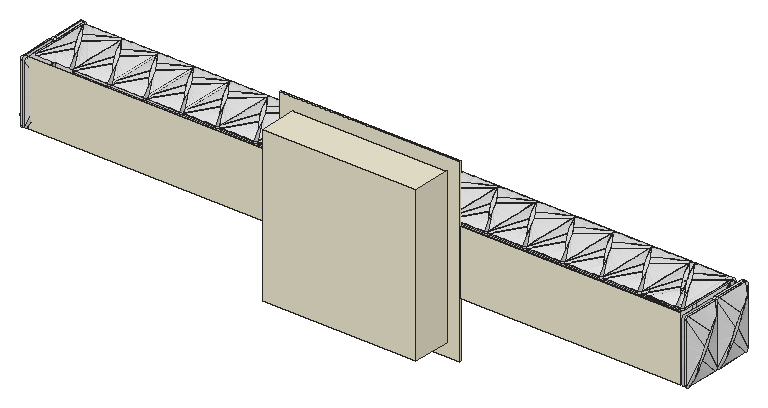
Revit family "3-573-15 Elan", category Luminarias, Revit 2021 (continued)
Definition of nested family "Family2"
  Forms (in)
    Blend 58, solid, material <- "Diffuser"
      base sketch origin (10.62992, -2.24007, -2.27132) x (1, 0, 0) y (0, 1, 0)
        loop
          line (-7.00787, -0.98425) -> (-5.98425, -0.98425)
          arc (-5.98425, -0.98425) -> (-5.92857, -0.96119) -> (-5.90551, -0.90551) r 0.07874
          line (-5.90551, -0.90551) -> (-5.90551, 0.90551)
      top sketch origin (10.62992, -2.24007, -2.27132) x (1, 0, 0) y (0, 1, 0)
        loop
          line (-6.89899, 0.68245) -> (-6.71635, 0.29079) -> (-6.53621, -0.05852) -> (-6.35588, -0.33357) -> (-6.0667, -0.72725) -> (-6.27171, -0.28388) -> (-6.43166, 0.00863) -> (-6.64427, 0.33334) -> (-6.89899, 0.68245)
      from 3.31463 to 3.45242
    Extrusion 59, solid, material <- "Diffuser"
      sketch origin (10.62992, -2.24007, -2.27132) x (1, 0, 0) y (0, 1, 0)
        loop
          arc (-5.90551, 0.90551) -> (-5.92857, 0.96119) -> (-5.98425, 0.98425) r 0.07874
          line (-5.98425, 0.98425) -> (-7.00787, 0.98425)
          arc (-7.00787, 0.98425) -> (-7.06355, 0.96119) -> (-7.08661, 0.90551) r 0.07874
          line (-7.08661, 0.90551) -> (-7.08661, -0.90551)
          arc (-7.08661, -0.90551) -> (-7.06355, -0.96119) -> (-7.00787, -0.98425) r 0.07874
          line (-7.00787, -0.98425) -> (-5.98425, -0.98425)
          arc (-5.98425, -0.98425) -> (-5.92857, -0.96119) -> (-5.90551, -0.90551) r 0.07874
          line (-5.90551, -0.90551) -> (-5.90551, 0.90551)
      from 3.25557 to 3.31463
    Blend 60, solid, material <- "Diffuser"
      base sketch origin (11.81102, -2.24007, -2.27132) x (1, 0, 0) y (0, 1, 0)
        loop
          arc (-5.90551, 0.90551) -> (-5.92857, 0.96119) -> (-5.98425, 0.98425) r 0.07874
          line (-5.98425, 0.98425) -> (-7.00787, 0.98425)
          arc (-7.00787, 0.98425) -> (-7.06355, 0.96119) -> (-7.08661, 0.90551) r 0.07874
          line (-7.08661, 0.90551) -> (-7.08661, -0.90551)
          arc (-7.08661, -0.90551) -> (-7.06355, -0.96119) -> (-7.00787, -0.98425) r 0.07874
          line (-7.00787, -0.98425) -> (-5.98425, -0.98425)
          arc (-5.98425, -0.98425) -> (-5.92857, -0.96119) -> (-5.90551, -0.90551) r 0.07874
          line (-5.90551, -0.90551) -> (-5.90551, 0.90551)
      top sketch origin (11.81102, -2.24007, -2.27132) x (1, 0, 0) y (0, 1, 0)
        loop
          line (-6.89899, 0.68245) -> (-6.71635, 0.29079) -> (-6.53621, -0.05852) -> (-6.35588, -0.33357) -> (-6.0667, -0.72725) -> (-6.27171, -0.28388) -> (-6.43166, 0.00863) -> (-6.64427, 0.33334) -> (-6.89899, 0.68245)
      from 3.31463 to 3.45242
    Extrusion 61, solid, material <- "Diffuser"
      sketch origin (11.81102, -2.24007, -2.27132) x (1, 0, 0) y (0, 1, 0)
        loop
          arc (-5.90551, 0.90551) -> (-5.92857, 0.96119) -> (-5.98425, 0.98425) r 0.07874
          line (-5.98425, 0.98425) -> (-7.00787, 0.98425)
          arc (-7.00787, 0.98425) -> (-7.06355, 0.96119) -> (-7.08661, 0.90551) r 0.07874
          line (-7.08661, 0.90551) -> (-7.08661, -0.90551)
          arc (-7.08661, -0.90551) -> (-7.06355, -0.96119) -> (-7.00787, -0.98425) r 0.07874
          line (-7.00787, -0.98425) -> (-5.98425, -0.98425)
          arc (-5.98425, -0.98425) -> (-5.92857, -0.96119) -> (-5.90551, -0.90551) r 0.07874
          line (-5.90551, -0.90551) -> (-5.90551, 0.90551)
      from 3.25557 to 3.31463
    Blend 62, solid, material <- "Diffuser"
      base sketch origin (16.29921, -2.24007, -2.27132) x (1, 0, 0) y (0, 1, 0)
        loop
          arc (-5.90551, 0.90551) -> (-5.92857, 0.96119) -> (-5.98425, 0.98425) r 0.07874
          line (-5.98425, 0.98425) -> (-7.00787, 0.98425)
          arc (-7.00787, 0.98425) -> (-7.06355, 0.96119) -> (-7.08661, 0.90551) r 0.07874
          line (-7.08661, 0.90551) -> (-7.08661, -0.90551)
          arc (-7.08661, -0.90551) -> (-7.06355, -0.96119) -> (-7.00787, -0.98425) r 0.07874
          line (-7.00787, -0.98425) -> (-5.98425, -0.98425)
          arc (-5.98425, -0.98425) -> (-5.92857, -0.96119) -> (-5.90551, -0.90551) r 0.07874
          line (-5.90551, -0.90551) -> (-5.90551, 0.90551)
      top sketch origin (16.29921, -2.24007, -2.27132) x (1, 0, 0) y (0, 1, 0)
        loop
          line (-6.89899, 0.68245) -> (-6.71635, 0.29079) -> (-6.53621, -0.05852) -> (-6.35588, -0.33357) -> (-6.0667, -0.72725) -> (-6.27171, -0.28388) -> (-6.43166, 0.00863) -> (-6.64427, 0.33334) -> (-6.89899, 0.68245)
      from 3.31463 to 3.45242
    Blend 63, solid, material <- "Diffuser"
      base sketch origin (3.31635, -2.24007, 2.34394) x (-0.999996, 0, 0.00275) y (0, 1, 0)
        loop
          arc (-5.90551, 0.90551) -> (-5.92857, 0.96119) -> (-5.98425, 0.98425) r 0.07874
          line (-5.98425, 0.98425) -> (-7.00787, 0.98425)
          arc (-7.00787, 0.98425) -> (-7.06355, 0.96119) -> (-7.08661, 0.90551) r 0.07874
          line (-7.08661, 0.90551) -> (-7.08661, -0.90551)
          arc (-7.08661, -0.90551) -> (-7.06355, -0.96119) -> (-7.00787, -0.98425) r 0.07874
          line (-7.00787, -0.98425) -> (-5.98425, -0.98425)
          arc (-5.98425, -0.98425) -> (-5.92857, -0.96119) -> (-5.90551, -0.90551) r 0.07874
          line (-5.90551, -0.90551) -> (-5.90551, 0.90551)
      top sketch origin (3.31635, -2.24007, 2.34394) x (-0.999996, 0, 0.00275) y (0, 1, 0)
        loop
          line (-6.89899, 0.68245) -> (-6.71635, 0.29079) -> (-6.53621, -0.05852) -> (-6.35588, -0.33357) -> (-6.0667, -0.72725) -> (-6.27171, -0.28388) -> (-6.43166, 0.00863) -> (-6.64427, 0.33334) -> (-6.89899, 0.68245)
      from 3.31463 to 3.45242
    Extrusion 64, solid, material <- "Diffuser"
      sketch origin (3.31635, -2.24007, 2.34394) x (-0.999996, 0, 0.00275) y (0, 1, 0)
        loop
          arc (-5.90551, 0.90551) -> (-5.92857, 0.96119) -> (-5.98425, 0.98425) r 0.07874
          line (-5.98425, 0.98425) -> (-7.00787, 0.98425)
          arc (-7.00787, 0.98425) -> (-7.06355, 0.96119) -> (-7.08661, 0.90551) r 0.07874
          line (-7.08661, 0.90551) -> (-7.08661, -0.90551)
          arc (-7.08661, -0.90551) -> (-7.06355, -0.96119) -> (-7.00787, -0.98425) r 0.07874
          line (-7.00787, -0.98425) -> (-5.98425, -0.98425)
          arc (-5.98425, -0.98425) -> (-5.92857, -0.96119) -> (-5.90551, -0.90551) r 0.07874
          line (-5.90551, -0.90551) -> (-5.90551, 0.90551)
      from 3.20242 to 3.31463
    Blend 65, solid, material <- "Diffuser"
      base sketch origin (-1.17183, -2.24007, 2.34719) x (-0.999996, 0, 0.00275) y (0, 1, 0)
        loop
          arc (-5.90551, 0.90551) -> (-5.92857, 0.96119) -> (-5.98425, 0.98425) r 0.07874
          line (-5.98425, 0.98425) -> (-7.00787, 0.98425)
          arc (-7.00787, 0.98425) -> (-7.06355, 0.96119) -> (-7.08661, 0.90551) r 0.07874
          line (-7.08661, 0.90551) -> (-7.08661, -0.90551)
          arc (-7.08661, -0.90551) -> (-7.06355, -0.96119) -> (-7.00787, -0.98425) r 0.07874
          line (-7.00787, -0.98425) -> (-5.98425, -0.98425)
          arc (-5.98425, -0.98425) -> (-5.92857, -0.96119) -> (-5.90551, -0.90551) r 0.07874
          line (-5.90551, -0.90551) -> (-5.90551, 0.90551)
      top sketch origin (-1.17183, -2.24007, 2.34719) x (-0.999996, 0, 0.00275) y (0, 1, 0)
        loop
          line (-6.89899, 0.68245) -> (-6.71635, 0.29079) -> (-6.53621, -0.05852) -> (-6.35588, -0.33357) -> (-6.0667, -0.72725) -> (-6.27171, -0.28388) -> (-6.43166, 0.00863) -> (-6.64427, 0.33334) -> (-6.89899, 0.68245)
      from 3.31463 to 3.45242
    Extrusion 66, solid, material <- "Diffuser"
      sketch origin (-1.17183, -2.24007, 2.34719) x (-0.999996, 0, 0.00275) y (0, 1, 0)
        loop
          arc (-5.90551, 0.90551) -> (-5.92857, 0.96119) -> (-5.98425, 0.98425) r 0.07874
          line (-5.98425, 0.98425) -> (-7.00787, 0.98425)
          arc (-7.00787, 0.98425) -> (-7.06355, 0.96119) -> (-7.08661, 0.90551) r 0.07874
          line (-7.08661, 0.90551) -> (-7.08661, -0.90551)
          arc (-7.08661, -0.90551) -> (-7.06355, -0.96119) -> (-7.00787, -0.98425) r 0.07874
          line (-7.00787, -0.98425) -> (-5.98425, -0.98425)
          arc (-5.98425, -0.98425) -> (-5.92857, -0.96119) -> (-5.90551, -0.90551) r 0.07874
          line (-5.90551, -0.90551) -> (-5.90551, 0.90551)
      from 3.20242 to 3.31463
    Blend 67, solid, material <- "Diffuser"
      base sketch origin (-2.35293, -2.24007, 2.35044) x (-0.999996, 0, 0.00275) y (0, 1, 0)
        loop
          arc (-5.90551, 0.90551) -> (-5.92857, 0.96119) -> (-5.98425, 0.98425) r 0.07874
          line (-5.98425, 0.98425) -> (-7.00787, 0.98425)
          arc (-7.00787, 0.98425) -> (-7.06355, 0.96119) -> (-7.08661, 0.90551) r 0.07874
          line (-7.08661, 0.90551) -> (-7.08661, -0.90551)
          arc (-7.08661, -0.90551) -> (-7.06355, -0.96119) -> (-7.00787, -0.98425) r 0.07874
          line (-7.00787, -0.98425) -> (-5.98425, -0.98425)
          arc (-5.98425, -0.98425) -> (-5.92857, -0.96119) -> (-5.90551, -0.90551) r 0.07874
          line (-5.90551, -0.90551) -> (-5.90551, 0.90551)
      top sketch origin (-2.35293, -2.24007, 2.35044) x (-0.999996, 0, 0.00275) y (0, 1, 0)
        loop
          line (-6.89899, 0.68245) -> (-6.71635, 0.29079) -> (-6.53621, -0.05852) -> (-6.35588, -0.33357) -> (-6.0667, -0.72725) -> (-6.27171, -0.28388) -> (-6.43166, 0.00863) -> (-6.64427, 0.33334) -> (-6.89899, 0.68245)
      from 3.31463 to 3.45242
    Extrusion 68, solid, material <- "Diffuser"
      sketch origin (-2.35293, -2.24007, 2.35044) x (-0.999996, 0, 0.00275) y (0, 1, 0)
        loop
          arc (-5.90551, 0.90551) -> (-5.92857, 0.96119) -> (-5.98425, 0.98425) r 0.07874
          line (-5.98425, 0.98425) -> (-7.00787, 0.98425)
          arc (-7.00787, 0.98425) -> (-7.06355, 0.96119) -> (-7.08661, 0.90551) r 0.07874
          line (-7.08661, 0.90551) -> (-7.08661, -0.90551)
          arc (-7.08661, -0.90551) -> (-7.06355, -0.96119) -> (-7.00787, -0.98425) r 0.07874
          line (-7.00787, -0.98425) -> (-5.98425, -0.98425)
          arc (-5.98425, -0.98425) -> (-5.92857, -0.96119) -> (-5.90551, -0.90551) r 0.07874
          line (-5.90551, -0.90551) -> (-5.90551, 0.90551)
      from 3.20242 to 3.31463
    Blend 69, solid, material <- "Diffuser"
      base sketch origin (-3.53403, -2.24007, 2.35369) x (-0.999996, 0, 0.00275) y (0, 1, 0)
        loop
          arc (-5.90551, 0.90551) -> (-5.92857, 0.96119) -> (-5.98425, 0.98425) r 0.07874
          line (-5.98425, 0.98425) -> (-7.00787, 0.98425)
          arc (-7.00787, 0.98425) -> (-7.06355, 0.96119) -> (-7.08661, 0.90551) r 0.07874
          line (-7.08661, 0.90551) -> (-7.08661, -0.90551)
          arc (-7.08661, -0.90551) -> (-7.06355, -0.96119) -> (-7.00787, -0.98425) r 0.07874
          line (-7.00787, -0.98425) -> (-5.98425, -0.98425)
          arc (-5.98425, -0.98425) -> (-5.92857, -0.96119) -> (-5.90551, -0.90551) r 0.07874
          line (-5.90551, -0.90551) -> (-5.90551, 0.90551)
      top sketch origin (-3.53403, -2.24007, 2.35369) x (-0.999996, 0, 0.00275) y (0, 1, 0)
        loop
          line (-6.89899, 0.68245) -> (-6.71635, 0.29079) -> (-6.53621, -0.05852) -> (-6.35588, -0.33357) -> (-6.0667, -0.72725) -> (-6.27171, -0.28388) -> (-6.43166, 0.00863) -> (-6.64427, 0.33334) -> (-6.89899, 0.68245)
      from 3.31463 to 3.45242
    Extrusion 70, solid, material <- "Diffuser"
      sketch origin (-3.53403, -2.24007, 2.35369) x (-0.999996, 0, 0.00275) y (0, 1, 0)
        loop
          arc (-5.90551, 0.90551) -> (-5.92857, 0.96119) -> (-5.98425, 0.98425) r 0.07874
          line (-5.98425, 0.98425) -> (-7.00787, 0.98425)
          arc (-7.00787, 0.98425) -> (-7.06355, 0.96119) -> (-7.08661, 0.90551) r 0.07874
          line (-7.08661, 0.90551) -> (-7.08661, -0.90551)
          arc (-7.08661, -0.90551) -> (-7.06355, -0.96119) -> (-7.00787, -0.98425) r 0.07874
          line (-7.00787, -0.98425) -> (-5.98425, -0.98425)
          arc (-5.98425, -0.98425) -> (-5.92857, -0.96119) -> (-5.90551, -0.90551) r 0.07874
          line (-5.90551, -0.90551) -> (-5.90551, 0.90551)
      from 3.20242 to 3.31463
    Blend 71, solid, material <- "Diffuser"
      base sketch origin (-4.71513, -2.24007, 2.35694) x (-0.999996, 0, 0.00275) y (0, 1, 0)
        loop
          arc (-5.90551, 0.90551) -> (-5.92857, 0.96119) -> (-5.98425, 0.98425) r 0.07874
          line (-5.98425, 0.98425) -> (-7.00787, 0.98425)
          arc (-7.00787, 0.98425) -> (-7.06355, 0.96119) -> (-7.08661, 0.90551) r 0.07874
          line (-7.08661, 0.90551) -> (-7.08661, -0.90551)
          arc (-7.08661, -0.90551) -> (-7.06355, -0.96119) -> (-7.00787, -0.98425) r 0.07874
          line (-7.00787, -0.98425) -> (-5.98425, -0.98425)
          arc (-5.98425, -0.98425) -> (-5.92857, -0.96119) -> (-5.90551, -0.90551) r 0.07874
          line (-5.90551, -0.90551) -> (-5.90551, 0.90551)
      top sketch origin (-4.71513, -2.24007, 2.35694) x (-0.999996, 0, 0.00275) y (0, 1, 0)
        loop
          line (-6.89899, 0.68245) -> (-6.71635, 0.29079) -> (-6.53621, -0.05852) -> (-6.35588, -0.33357) -> (-6.0667, -0.72725) -> (-6.27171, -0.28388) -> (-6.43166, 0.00863) -> (-6.64427, 0.33334) -> (-6.89899, 0.68245)
      from 3.31463 to 3.45242
    Extrusion 72, solid, material <- "Diffuser"
      sketch origin (-4.71513, -2.24007, 2.35694) x (-0.999996, 0, 0.00275) y (0, 1, 0)
        loop
          arc (-5.90551, 0.90551) -> (-5.92857, 0.96119) -> (-5.98425, 0.98425) r 0.07874
          line (-5.98425, 0.98425) -> (-7.00787, 0.98425)
          arc (-7.00787, 0.98425) -> (-7.06355, 0.96119) -> (-7.08661, 0.90551) r 0.07874
          line (-7.08661, 0.90551) -> (-7.08661, -0.90551)
          arc (-7.08661, -0.90551) -> (-7.06355, -0.96119) -> (-7.00787, -0.98425) r 0.07874
          line (-7.00787, -0.98425) -> (-5.98425, -0.98425)
          arc (-5.98425, -0.98425) -> (-5.92857, -0.96119) -> (-5.90551, -0.90551) r 0.07874
          line (-5.90551, -0.90551) -> (-5.90551, 0.90551)
      from 3.25557 to 3.31463
    Blend 73, solid, material <- "Diffuser"
      base sketch origin (-5.89622, -2.24007, 2.36018) x (-0.999996, 0, 0.00275) y (0, 1, 0)
        loop
          arc (-5.90551, 0.90551) -> (-5.92857, 0.96119) -> (-5.98425, 0.98425) r 0.07874
          line (-5.98425, 0.98425) -> (-7.00787, 0.98425)
          arc (-7.00787, 0.98425) -> (-7.06355, 0.96119) -> (-7.08661, 0.90551) r 0.07874
          line (-7.08661, 0.90551) -> (-7.08661, -0.90551)
          arc (-7.08661, -0.90551) -> (-7.06355, -0.96119) -> (-7.00787, -0.98425) r 0.07874
          line (-7.00787, -0.98425) -> (-5.98425, -0.98425)
          arc (-5.98425, -0.98425) -> (-5.92857, -0.96119) -> (-5.90551, -0.90551) r 0.07874
          line (-5.90551, -0.90551) -> (-5.90551, 0.90551)
      top sketch origin (-5.89622, -2.24007, 2.36018) x (-0.999996, 0, 0.00275) y (0, 1, 0)
        loop
          line (-6.89899, 0.68245) -> (-6.71635, 0.29079) -> (-6.53621, -0.05852) -> (-6.35588, -0.33357) -> (-6.0667, -0.72725) -> (-6.27171, -0.28388) -> (-6.43166, 0.00863) -> (-6.64427, 0.33334) -> (-6.89899, 0.68245)
      from 3.31463 to 3.45242
    Extrusion 74, solid, material <- "Diffuser"
      sketch origin (-5.89622, -2.24007, 2.36018) x (-0.999996, 0, 0.00275) y (0, 1, 0)
        loop
          arc (-5.90551, 0.90551) -> (-5.92857, 0.96119) -> (-5.98425, 0.98425) r 0.07874
          line (-5.98425, 0.98425) -> (-7.00787, 0.98425)
          arc (-7.00787, 0.98425) -> (-7.06355, 0.96119) -> (-7.08661, 0.90551) r 0.07874
          line (-7.08661, 0.90551) -> (-7.08661, -0.90551)
          arc (-7.08661, -0.90551) -> (-7.06355, -0.96119) -> (-7.00787, -0.98425) r 0.07874
          line (-7.00787, -0.98425) -> (-5.98425, -0.98425)
          arc (-5.98425, -0.98425) -> (-5.92857, -0.96119) -> (-5.90551, -0.90551) r 0.07874
          line (-5.90551, -0.90551) -> (-5.90551, 0.90551)
      from 3.25557 to 3.31463
    Blend 75, solid, material <- "Diffuser"
      base sketch origin (-7.07732, -2.24007, 2.36343) x (-0.999996, 0, 0.00275) y (0, 1, 0)
        loop
          arc (-5.90551, 0.90551) -> (-5.92857, 0.96119) -> (-5.98425, 0.98425) r 0.07874
          line (-5.98425, 0.98425) -> (-7.00787, 0.98425)
          arc (-7.00787, 0.98425) -> (-7.06355, 0.96119) -> (-7.08661, 0.90551) r 0.07874
          line (-7.08661, 0.90551) -> (-7.08661, -0.90551)
          arc (-7.08661, -0.90551) -> (-7.06355, -0.96119) -> (-7.00787, -0.98425) r 0.07874
          line (-7.00787, -0.98425) -> (-5.98425, -0.98425)
          arc (-5.98425, -0.98425) -> (-5.92857, -0.96119) -> (-5.90551, -0.90551) r 0.07874
          line (-5.90551, -0.90551) -> (-5.90551, 0.90551)
      top sketch origin (-7.07732, -2.24007, 2.36343) x (-0.999996, 0, 0.00275) y (0, 1, 0)
        loop
          line (-6.89899, 0.68245) -> (-6.71635, 0.29079) -> (-6.53621, -0.05852) -> (-6.35588, -0.33357) -> (-6.0667, -0.72725) -> (-6.27171, -0.28388) -> (-6.43166, 0.00863) -> (-6.64427, 0.33334) -> (-6.89899, 0.68245)
      from 3.31463 to 3.45242
    Extrusion 76, solid, material <- "Diffuser"
      sketch origin (-7.07732, -2.24007, 2.36343) x (-0.999996, 0, 0.00275) y (0, 1, 0)
        loop
          arc (-5.90551, 0.90551) -> (-5.92857, 0.96119) -> (-5.98425, 0.98425) r 0.07874
          line (-5.98425, 0.98425) -> (-7.00787, 0.98425)
          arc (-7.00787, 0.98425) -> (-7.06355, 0.96119) -> (-7.08661, 0.90551) r 0.07874
          line (-7.08661, 0.90551) -> (-7.08661, -0.90551)
          arc (-7.08661, -0.90551) -> (-7.06355, -0.96119) -> (-7.00787, -0.98425) r 0.07874
          line (-7.00787, -0.98425) -> (-5.98425, -0.98425)
          arc (-5.98425, -0.98425) -> (-5.92857, -0.96119) -> (-5.90551, -0.90551) r 0.07874
          line (-5.90551, -0.90551) -> (-5.90551, 0.90551)
      from 3.25557 to 3.31463
    Blend 77, solid, material <- "Diffuser"
      base sketch origin (-8.25842, -2.24007, 2.36668) x (-0.999996, 0, 0.00275) y (0, 1, 0)
        loop
          arc (-5.90551, 0.90551) -> (-5.92857, 0.96119) -> (-5.98425, 0.98425) r 0.07874
          line (-5.98425, 0.98425) -> (-7.00787, 0.98425)
          arc (-7.00787, 0.98425) -> (-7.06355, 0.96119) -> (-7.08661, 0.90551) r 0.07874
          line (-7.08661, 0.90551) -> (-7.08661, -0.90551)
          arc (-7.08661, -0.90551) -> (-7.06355, -0.96119) -> (-7.00787, -0.98425) r 0.07874
          line (-7.00787, -0.98425) -> (-5.98425, -0.98425)
          arc (-5.98425, -0.98425) -> (-5.92857, -0.96119) -> (-5.90551, -0.90551) r 0.07874
          line (-5.90551, -0.90551) -> (-5.90551, 0.90551)
      top sketch origin (-8.25842, -2.24007, 2.36668) x (-0.999996, 0, 0.00275) y (0, 1, 0)
        loop
          line (-6.89899, 0.68245) -> (-6.71635, 0.29079) -> (-6.53621, -0.05852) -> (-6.35588, -0.33357) -> (-6.0667, -0.72725) -> (-6.27171, -0.28388) -> (-6.43166, 0.00863) -> (-6.64427, 0.33334) -> (-6.89899, 0.68245)
      from 3.31463 to 3.45242
    Extrusion 78, solid, material <- "Diffuser"
      sketch origin (-8.25842, -2.24007, 2.36668) x (-0.999996, 0, 0.00275) y (0, 1, 0)
        loop
          arc (-5.90551, 0.90551) -> (-5.92857, 0.96119) -> (-5.98425, 0.98425) r 0.07874
          line (-5.98425, 0.98425) -> (-7.00787, 0.98425)
          arc (-7.00787, 0.98425) -> (-7.06355, 0.96119) -> (-7.08661, 0.90551) r 0.07874
          line (-7.08661, 0.90551) -> (-7.08661, -0.90551)
          arc (-7.08661, -0.90551) -> (-7.06355, -0.96119) -> (-7.00787, -0.98425) r 0.07874
          line (-7.00787, -0.98425) -> (-5.98425, -0.98425)
          arc (-5.98425, -0.98425) -> (-5.92857, -0.96119) -> (-5.90551, -0.90551) r 0.07874
          line (-5.90551, -0.90551) -> (-5.90551, 0.90551)
      from 3.25557 to 3.31463
    Blend 79, solid, material <- "Diffuser"
      base sketch origin (-9.43952, -2.24007, 2.36993) x (-0.999996, 0, 0.00275) y (0, 1, 0)
        loop
          arc (-5.90551, 0.90551) -> (-5.92857, 0.96119) -> (-5.98425, 0.98425) r 0.07874
          line (-5.98425, 0.98425) -> (-7.00787, 0.98425)
          arc (-7.00787, 0.98425) -> (-7.06355, 0.96119) -> (-7.08661, 0.90551) r 0.07874
          line (-7.08661, 0.90551) -> (-7.08661, -0.90551)
          arc (-7.08661, -0.90551) -> (-7.06355, -0.96119) -> (-7.00787, -0.98425) r 0.07874
          line (-7.00787, -0.98425) -> (-5.98425, -0.98425)
          arc (-5.98425, -0.98425) -> (-5.92857, -0.96119) -> (-5.90551, -0.90551) r 0.07874
          line (-5.90551, -0.90551) -> (-5.90551, 0.90551)
      top sketch origin (-9.43952, -2.24007, 2.36993) x (-0.999996, 0, 0.00275) y (0, 1, 0)
        loop
          line (-6.89899, 0.68245) -> (-6.71635, 0.29079) -> (-6.53621, -0.05852) -> (-6.35588, -0.33357) -> (-6.0667, -0.72725) -> (-6.27171, -0.28388) -> (-6.43166, 0.00863) -> (-6.64427, 0.33334) -> (-6.89899, 0.68245)
      from 3.31463 to 3.45242
    Extrusion 80, solid, material <- "Diffuser"
      sketch origin (-9.43952, -2.24007, 2.36993) x (-0.999996, 0, 0.00275) y (0, 1, 0)
        loop
          arc (-5.90551, 0.90551) -> (-5.92857, 0.96119) -> (-5.98425, 0.98425) r 0.07874
          line (-5.98425, 0.98425) -> (-7.00787, 0.98425)
          arc (-7.00787, 0.98425) -> (-7.06355, 0.96119) -> (-7.08661, 0.90551) r 0.07874
          line (-7.08661, 0.90551) -> (-7.08661, -0.90551)
          arc (-7.08661, -0.90551) -> (-7.06355, -0.96119) -> (-7.00787, -0.98425) r 0.07874
          line (-7.00787, -0.98425) -> (-5.98425, -0.98425)
          arc (-5.98425, -0.98425) -> (-5.92857, -0.96119) -> (-5.90551, -0.90551) r 0.07874
          line (-5.90551, -0.90551) -> (-5.90551, 0.90551)
      from 3.25557 to 3.31463
    Blend 81, solid, material <- "Diffuser"
      base sketch origin (-10.62062, -2.24007, 2.37318) x (-0.999996, 0, 0.00275) y (0, 1, 0)
        loop
          arc (-5.90551, 0.90551) -> (-5.92857, 0.96119) -> (-5.98425, 0.98425) r 0.07874
          line (-5.98425, 0.98425) -> (-7.00787, 0.98425)
          arc (-7.00787, 0.98425) -> (-7.06355, 0.96119) -> (-7.08661, 0.90551) r 0.07874
          line (-7.08661, 0.90551) -> (-7.08661, -0.90551)
          arc (-7.08661, -0.90551) -> (-7.06355, -0.96119) -> (-7.00787, -0.98425) r 0.07874
          line (-7.00787, -0.98425) -> (-5.98425, -0.98425)
          arc (-5.98425, -0.98425) -> (-5.92857, -0.96119) -> (-5.90551, -0.90551) r 0.07874
          line (-5.90551, -0.90551) -> (-5.90551, 0.90551)
      top sketch origin (-10.62062, -2.24007, 2.37318) x (-0.999996, 0, 0.00275) y (0, 1, 0)
        loop
          line (-6.89899, 0.68245) -> (-6.71635, 0.29079) -> (-6.53621, -0.05852) -> (-6.35588, -0.33357) -> (-6.0667, -0.72725) -> (-6.27171, -0.28388) -> (-6.43166, 0.00863) -> (-6.64427, 0.33334) -> (-6.89899, 0.68245)
      from 3.31463 to 3.45242
    Extrusion 82, solid, material <- "Diffuser"
      sketch origin (-10.62062, -2.24007, 2.37318) x (-0.999996, 0, 0.00275) y (0, 1, 0)
        loop
          arc (-5.90551, 0.90551) -> (-5.92857, 0.96119) -> (-5.98425, 0.98425) r 0.07874
          line (-5.98425, 0.98425) -> (-7.00787, 0.98425)
          arc (-7.00787, 0.98425) -> (-7.06355, 0.96119) -> (-7.08661, 0.90551) r 0.07874
          line (-7.08661, 0.90551) -> (-7.08661, -0.90551)
          arc (-7.08661, -0.90551) -> (-7.06355, -0.96119) -> (-7.00787, -0.98425) r 0.07874
          line (-7.00787, -0.98425) -> (-5.98425, -0.98425)
          arc (-5.98425, -0.98425) -> (-5.92857, -0.96119) -> (-5.90551, -0.90551) r 0.07874
          line (-5.90551, -0.90551) -> (-5.90551, 0.90551)
      from 3.25557 to 3.31463
    Blend 83, solid, material <- "Diffuser"
      base sketch origin (-11.80171, -2.24007, 2.37642) x (-0.999996, 0, 0.00275) y (0, 1, 0)
        loop
          arc (-5.90551, 0.90551) -> (-5.92857, 0.96119) -> (-5.98425, 0.98425) r 0.07874
          line (-5.98425, 0.98425) -> (-7.00787, 0.98425)
          arc (-7.00787, 0.98425) -> (-7.06355, 0.96119) -> (-7.08661, 0.90551) r 0.07874
          line (-7.08661, 0.90551) -> (-7.08661, -0.90551)
          arc (-7.08661, -0.90551) -> (-7.06355, -0.96119) -> (-7.00787, -0.98425) r 0.07874
          line (-7.00787, -0.98425) -> (-5.98425, -0.98425)
          arc (-5.98425, -0.98425) -> (-5.92857, -0.96119) -> (-5.90551, -0.90551) r 0.07874
          line (-5.90551, -0.90551) -> (-5.90551, 0.90551)
      top sketch origin (-11.80171, -2.24007, 2.37642) x (-0.999996, 0, 0.00275) y (0, 1, 0)
        loop
          line (-6.89899, 0.68245) -> (-6.71635, 0.29079) -> (-6.53621, -0.05852) -> (-6.35588, -0.33357) -> (-6.0667, -0.72725) -> (-6.27171, -0.28388) -> (-6.43166, 0.00863) -> (-6.64427, 0.33334) -> (-6.89899, 0.68245)
      from 3.31463 to 3.45242
    Extrusion 84, solid, material <- "Diffuser"
      sketch origin (-11.80171, -2.24007, 2.37642) x (-0.999996, 0, 0.00275) y (0, 1, 0)
        loop
          arc (-5.90551, 0.90551) -> (-5.92857, 0.96119) -> (-5.98425, 0.98425) r 0.07874
          line (-5.98425, 0.98425) -> (-7.00787, 0.98425)
          arc (-7.00787, 0.98425) -> (-7.06355, 0.96119) -> (-7.08661, 0.90551) r 0.07874
          line (-7.08661, 0.90551) -> (-7.08661, -0.90551)
          arc (-7.08661, -0.90551) -> (-7.06355, -0.96119) -> (-7.00787, -0.98425) r 0.07874
          line (-7.00787, -0.98425) -> (-5.98425, -0.98425)
          arc (-5.98425, -0.98425) -> (-5.92857, -0.96119) -> (-5.90551, -0.90551) r 0.07874
          line (-5.90551, -0.90551) -> (-5.90551, 0.90551)
      from 3.25557 to 3.31463
    Blend 85, solid, material <- "Diffuser"
      base sketch origin (-15.47297, -2.24007, 2.37967) x (-0.999996, 0, 0.00275) y (0, 1, 0)
        loop
          arc (-5.90551, 0.90551) -> (-5.92857, 0.96119) -> (-5.98425, 0.98425) r 0.07874
          line (-5.98425, 0.98425) -> (-7.00787, 0.98425)
          arc (-7.00787, 0.98425) -> (-7.06355, 0.96119) -> (-7.08661, 0.90551) r 0.07874
          line (-7.08661, 0.90551) -> (-7.08661, -0.90551)
          arc (-7.08661, -0.90551) -> (-7.06355, -0.96119) -> (-7.00787, -0.98425) r 0.07874
          line (-7.00787, -0.98425) -> (-5.98425, -0.98425)
          arc (-5.98425, -0.98425) -> (-5.92857, -0.96119) -> (-5.90551, -0.90551) r 0.07874
          line (-5.90551, -0.90551) -> (-5.90551, 0.90551)
      top sketch origin (-15.47297, -2.24007, 2.37967) x (-0.999996, 0, 0.00275) y (0, 1, 0)
        loop
          line (-6.89899, 0.68245) -> (-6.71635, 0.29079) -> (-6.53621, -0.05852) -> (-6.35588, -0.33357) -> (-6.0667, -0.72725) -> (-6.27171, -0.28388) -> (-6.43166, 0.00863) -> (-6.64427, 0.33334) -> (-6.89899, 0.68245)
      from 3.31463 to 3.45242
    Extrusion 86, solid, material <- "Metal Finish 1"
      sketch origin (0, 0, 0) x (1, 0, 0) y (0, 0, 1)
        loop
          line (-9.57677, 0.98425) -> (-9.57677, -0.98425) -> (10.66024, -0.98425) -> (10.66024, 0.98425) -> (-9.57677, 0.98425)
      from 1.18 to 1.22
    Blend 87, solid, material <- "Diffuser"
      base sketch origin (0, 0, 0) x (1, 0, 0) y (0, 0, 1)
        loop
          arc (-5.90551, 0.90551) -> (-5.92857, 0.96119) -> (-5.98425, 0.98425) r 0.07874
          line (-5.98425, 0.98425) -> (-7.00787, 0.98425)
          arc (-7.00787, 0.98425) -> (-7.06355, 0.96119) -> (-7.08661, 0.90551) r 0.07874
          line (-7.08661, 0.90551) -> (-7.08661, -0.90551)
          arc (-7.08661, -0.90551) -> (-7.06355, -0.96119) -> (-7.00787, -0.98425) r 0.07874
          line (-7.00787, -0.98425) -> (-5.98425, -0.98425)
          arc (-5.98425, -0.98425) -> (-5.92857, -0.96119) -> (-5.90551, -0.90551) r 0.07874
          line (-5.90551, -0.90551) -> (-5.90551, 0.90551)
      top sketch origin (0, 0, 0) x (1, 0, 0) y (0, 0, 1)
        loop
          line (-6.89899, 0.68245) -> (-6.71635, 0.29079) -> (-6.53621, -0.05852) -> (-6.35588, -0.33357) -> (-6.0667, -0.72725) -> (-6.27171, -0.28388) -> (-6.43166, 0.00863) -> (-6.64427, 0.33334) -> (-6.89899, 0.68245)
      from 3.31463 to 3.45242
    Extrusion 88, solid, material <- "Diffuser"
      sketch origin (0, 0, 0) x (1, 0, 0) y (0, 0, 1)
        loop
          arc (-5.90551, 0.90551) -> (-5.92857, 0.96119) -> (-5.98425, 0.98425) r 0.07874
          line (-5.98425, 0.98425) -> (-7.00787, 0.98425)
          arc (-7.00787, 0.98425) -> (-7.06355, 0.96119) -> (-7.08661, 0.90551) r 0.07874
          line (-7.08661, 0.90551) -> (-7.08661, -0.90551)
          arc (-7.08661, -0.90551) -> (-7.06355, -0.96119) -> (-7.00787, -0.98425) r 0.07874
          line (-7.00787, -0.98425) -> (-5.98425, -0.98425)
          arc (-5.98425, -0.98425) -> (-5.92857, -0.96119) -> (-5.90551, -0.90551) r 0.07874
          line (-5.90551, -0.90551) -> (-5.90551, 0.90551)
      from 3.25557 to 3.31463
    Blend 89, solid, material <- "Diffuser"
      base sketch origin (0, -2.24007, -2.27132) x (1, 0, 0) y (0, 1, 0)
        loop
          arc (-5.90551, 0.90551) -> (-5.92857, 0.96119) -> (-5.98425, 0.98425) r 0.07874
          line (-5.98425, 0.98425) -> (-7.00787, 0.98425)
          arc (-7.00787, 0.98425) -> (-7.06355, 0.96119) -> (-7.08661, 0.90551) r 0.07874
          line (-7.08661, 0.90551) -> (-7.08661, -0.90551)
          arc (-7.08661, -0.90551) -> (-7.06355, -0.96119) -> (-7.00787, -0.98425) r 0.07874
          line (-7.00787, -0.98425) -> (-5.98425, -0.98425)
          arc (-5.98425, -0.98425) -> (-5.92857, -0.96119) -> (-5.90551, -0.90551) r 0.07874
          line (-5.90551, -0.90551) -> (-5.90551, 0.90551)
      top sketch origin (0, -2.24007, -2.27132) x (1, 0, 0) y (0, 1, 0)
        loop
          line (-6.89899, 0.68245) -> (-6.71635, 0.29079) -> (-6.53621, -0.05852) -> (-6.35588, -0.33357) -> (-6.0667, -0.72725) -> (-6.27171, -0.28388) -> (-6.43166, 0.00863) -> (-6.64427, 0.33334) -> (-6.89899, 0.68245)
      from 3.31463 to 3.45242
    Extrusion 90, solid, material <- "Diffuser"
      sketch origin (0, -2.24007, -2.27132) x (1, 0, 0) y (0, 1, 0)
        loop
          arc (-5.90551, 0.90551) -> (-5.92857, 0.96119) -> (-5.98425, 0.98425) r 0.07874
          line (-5.98425, 0.98425) -> (-7.00787, 0.98425)
          arc (-7.00787, 0.98425) -> (-7.06355, 0.96119) -> (-7.08661, 0.90551) r 0.07874
          line (-7.08661, 0.90551) -> (-7.08661, -0.90551)
          arc (-7.08661, -0.90551) -> (-7.06355, -0.96119) -> (-7.00787, -0.98425) r 0.07874
          line (-7.00787, -0.98425) -> (-5.98425, -0.98425)
          arc (-5.98425, -0.98425) -> (-5.92857, -0.96119) -> (-5.90551, -0.90551) r 0.07874
          line (-5.90551, -0.90551) -> (-5.90551, 0.90551)
      from 3.25557 to 3.31463
    Blend 91, solid, material <- "Diffuser"
      base sketch origin (-12.98282, -2.24007, 2.37642) x (-0.999996, 0, 0.00275) y (0, 1, 0)
        loop
          arc (-5.90551, 0.90551) -> (-5.92857, 0.96119) -> (-5.98425, 0.98425) r 0.07874
          line (-5.98425, 0.98425) -> (-7.00787, 0.98425)
          arc (-7.00787, 0.98425) -> (-7.06355, 0.96119) -> (-7.08661, 0.90551) r 0.07874
          line (-7.08661, 0.90551) -> (-7.08661, -0.90551)
          arc (-7.08661, -0.90551) -> (-7.06355, -0.96119) -> (-7.00787, -0.98425) r 0.07874
          line (-7.00787, -0.98425) -> (-5.98425, -0.98425)
          arc (-5.98425, -0.98425) -> (-5.92857, -0.96119) -> (-5.90551, -0.90551) r 0.07874
          line (-5.90551, -0.90551) -> (-5.90551, 0.90551)
      top sketch origin (-12.98282, -2.24007, 2.37642) x (-0.999996, 0, 0.00275) y (0, 1, 0)
        loop
          line (-6.89899, 0.68245) -> (-6.71635, 0.29079) -> (-6.53621, -0.05852) -> (-6.35588, -0.33357) -> (-6.0667, -0.72725) -> (-6.27171, -0.28388) -> (-6.43166, 0.00863) -> (-6.64427, 0.33334) -> (-6.89899, 0.68245)
      from 3.31463 to 3.45242
    Extrusion 92, solid, material <- "Diffuser"
      sketch origin (-12.98282, -2.24007, 2.37642) x (-0.999996, 0, 0.00275) y (0, 1, 0)
        loop
          arc (-5.90551, 0.90551) -> (-5.92857, 0.96119) -> (-5.98425, 0.98425) r 0.07874
          line (-5.98425, 0.98425) -> (-7.00787, 0.98425)
          arc (-7.00787, 0.98425) -> (-7.06355, 0.96119) -> (-7.08661, 0.90551) r 0.07874
          line (-7.08661, 0.90551) -> (-7.08661, -0.90551)
          arc (-7.08661, -0.90551) -> (-7.06355, -0.96119) -> (-7.00787, -0.98425) r 0.07874
          line (-7.00787, -0.98425) -> (-5.98425, -0.98425)
          arc (-5.98425, -0.98425) -> (-5.92857, -0.96119) -> (-5.90551, -0.90551) r 0.07874
          line (-5.90551, -0.90551) -> (-5.90551, 0.90551)
      from 3.25557 to 3.31463
    Blend 93, solid, material <- "Diffuser"
      base sketch origin (-1.1811, 0, 0) x (1, 0, 0) y (0, 0, 1)
        loop
          arc (-5.90551, 0.90551) -> (-5.92857, 0.96119) -> (-5.98425, 0.98425) r 0.07874
          line (-5.98425, 0.98425) -> (-7.00787, 0.98425)
          arc (-7.00787, 0.98425) -> (-7.06355, 0.96119) -> (-7.08661, 0.90551) r 0.07874
          line (-7.08661, 0.90551) -> (-7.08661, -0.90551)
          arc (-7.08661, -0.90551) -> (-7.06355, -0.96119) -> (-7.00787, -0.98425) r 0.07874
          line (-7.00787, -0.98425) -> (-5.98425, -0.98425)
          arc (-5.98425, -0.98425) -> (-5.92857, -0.96119) -> (-5.90551, -0.90551) r 0.07874
          line (-5.90551, -0.90551) -> (-5.90551, 0.90551)
      top sketch origin (-1.1811, 0, 0) x (1, 0, 0) y (0, 0, 1)
        loop
          line (-6.89899, 0.68245) -> (-6.71635, 0.29079) -> (-6.53621, -0.05852) -> (-6.35588, -0.33357) -> (-6.0667, -0.72725) -> (-6.27171, -0.28388) -> (-6.43166, 0.00863) -> (-6.64427, 0.33334) -> (-6.89899, 0.68245)
      from 3.31463 to 3.45242
    Extrusion 94, solid, material <- "Diffuser"
      sketch origin (-1.1811, 0, 0) x (1, 0, 0) y (0, 0, 1)
        loop
          arc (-5.90551, 0.90551) -> (-5.92857, 0.96119) -> (-5.98425, 0.98425) r 0.07874
          line (-5.98425, 0.98425) -> (-7.00787, 0.98425)
          arc (-7.00787, 0.98425) -> (-7.06355, 0.96119) -> (-7.08661, 0.90551) r 0.07874
          line (-7.08661, 0.90551) -> (-7.08661, -0.90551)
          arc (-7.08661, -0.90551) -> (-7.06355, -0.96119) -> (-7.00787, -0.98425) r 0.07874
          line (-7.00787, -0.98425) -> (-5.98425, -0.98425)
          arc (-5.98425, -0.98425) -> (-5.92857, -0.96119) -> (-5.90551, -0.90551) r 0.07874
          line (-5.90551, -0.90551) -> (-5.90551, 0.90551)
      from 3.25557 to 3.31463
    Blend 95, solid, material <- "Diffuser"
      base sketch origin (-1.1811, -2.24007, -2.27132) x (1, 0, 0) y (0, 1, 0)
        loop
          arc (-5.90551, 0.90551) -> (-5.92857, 0.96119) -> (-5.98425, 0.98425) r 0.07874
          line (-5.98425, 0.98425) -> (-7.00787, 0.98425)
          arc (-7.00787, 0.98425) -> (-7.06355, 0.96119) -> (-7.08661, 0.90551) r 0.07874
          line (-7.08661, 0.90551) -> (-7.08661, -0.90551)
          arc (-7.08661, -0.90551) -> (-7.06355, -0.96119) -> (-7.00787, -0.98425) r 0.07874
          line (-7.00787, -0.98425) -> (-5.98425, -0.98425)
          arc (-5.98425, -0.98425) -> (-5.92857, -0.96119) -> (-5.90551, -0.90551) r 0.07874
          line (-5.90551, -0.90551) -> (-5.90551, 0.90551)
      top sketch origin (-1.1811, -2.24007, -2.27132) x (1, 0, 0) y (0, 1, 0)
        loop
          line (-6.89899, 0.68245) -> (-6.71635, 0.29079) -> (-6.53621, -0.05852) -> (-6.35588, -0.33357) -> (-6.0667, -0.72725) -> (-6.27171, -0.28388) -> (-6.43166, 0.00863) -> (-6.64427, 0.33334) -> (-6.89899, 0.68245)
      from 3.31463 to 3.45242
    Extrusion 96, solid, material <- "Diffuser"
      sketch origin (-1.1811, -2.24007, -2.27132) x (1, 0, 0) y (0, 1, 0)
        loop
          arc (-5.90551, 0.90551) -> (-5.92857, 0.96119) -> (-5.98425, 0.98425) r 0.07874
          line (-5.98425, 0.98425) -> (-7.00787, 0.98425)
          arc (-7.00787, 0.98425) -> (-7.06355, 0.96119) -> (-7.08661, 0.90551) r 0.07874
          line (-7.08661, 0.90551) -> (-7.08661, -0.90551)
          arc (-7.08661, -0.90551) -> (-7.06355, -0.96119) -> (-7.00787, -0.98425) r 0.07874
          line (-7.00787, -0.98425) -> (-5.98425, -0.98425)
          arc (-5.98425, -0.98425) -> (-5.92857, -0.96119) -> (-5.90551, -0.90551) r 0.07874
          line (-5.90551, -0.90551) -> (-5.90551, 0.90551)
      from 3.25557 to 3.31463
    Blend 97, solid, material <- "Diffuser"
      base sketch origin (-14.16392, -2.24007, 2.37642) x (-0.999996, 0, 0.00275) y (0, 1, 0)
        loop
          arc (-5.90551, 0.90551) -> (-5.92857, 0.96119) -> (-5.98425, 0.98425) r 0.07874
          line (-5.98425, 0.98425) -> (-7.00787, 0.98425)
          arc (-7.00787, 0.98425) -> (-7.06355, 0.96119) -> (-7.08661, 0.90551) r 0.07874
          line (-7.08661, 0.90551) -> (-7.08661, -0.90551)
          arc (-7.08661, -0.90551) -> (-7.06355, -0.96119) -> (-7.00787, -0.98425) r 0.07874
          line (-7.00787, -0.98425) -> (-5.98425, -0.98425)
          arc (-5.98425, -0.98425) -> (-5.92857, -0.96119) -> (-5.90551, -0.90551) r 0.07874
          line (-5.90551, -0.90551) -> (-5.90551, 0.90551)
      top sketch origin (-14.16392, -2.24007, 2.37642) x (-0.999996, 0, 0.00275) y (0, 1, 0)
        loop
          line (-6.89899, 0.68245) -> (-6.71635, 0.29079) -> (-6.53621, -0.05852) -> (-6.35588, -0.33357) -> (-6.0667, -0.72725) -> (-6.27171, -0.28388) -> (-6.43166, 0.00863) -> (-6.64427, 0.33334) -> (-6.89899, 0.68245)
      from 3.31463 to 3.45242
    Extrusion 98, solid, material <- "Diffuser"
      sketch origin (-14.16392, -2.24007, 2.37642) x (-0.999996, 0, 0.00275) y (0, 1, 0)
        loop
          arc (-5.90551, 0.90551) -> (-5.92857, 0.96119) -> (-5.98425, 0.98425) r 0.07874
          line (-5.98425, 0.98425) -> (-7.00787, 0.98425)
          arc (-7.00787, 0.98425) -> (-7.06355, 0.96119) -> (-7.08661, 0.90551) r 0.07874
          line (-7.08661, 0.90551) -> (-7.08661, -0.90551)
          arc (-7.08661, -0.90551) -> (-7.06355, -0.96119) -> (-7.00787, -0.98425) r 0.07874
          line (-7.00787, -0.98425) -> (-5.98425, -0.98425)
          arc (-5.98425, -0.98425) -> (-5.92857, -0.96119) -> (-5.90551, -0.90551) r 0.07874
          line (-5.90551, -0.90551) -> (-5.90551, 0.90551)
      from 3.25557 to 3.31463
    Blend 99, solid, material <- "Diffuser"
      base sketch origin (-2.3622, 0, 0) x (1, 0, 0) y (0, 0, 1)
        loop
          arc (-5.90551, 0.90551) -> (-5.92857, 0.96119) -> (-5.98425, 0.98425) r 0.07874
          line (-5.98425, 0.98425) -> (-7.00787, 0.98425)
          arc (-7.00787, 0.98425) -> (-7.06355, 0.96119) -> (-7.08661, 0.90551) r 0.07874
          line (-7.08661, 0.90551) -> (-7.08661, -0.90551)
          arc (-7.08661, -0.90551) -> (-7.06355, -0.96119) -> (-7.00787, -0.98425) r 0.07874
          line (-7.00787, -0.98425) -> (-5.98425, -0.98425)
          arc (-5.98425, -0.98425) -> (-5.92857, -0.96119) -> (-5.90551, -0.90551) r 0.07874
          line (-5.90551, -0.90551) -> (-5.90551, 0.90551)
      top sketch origin (-2.3622, 0, 0) x (1, 0, 0) y (0, 0, 1)
        loop
          line (-6.89899, 0.68245) -> (-6.71635, 0.29079) -> (-6.53621, -0.05852) -> (-6.35588, -0.33357) -> (-6.0667, -0.72725) -> (-6.27171, -0.28388) -> (-6.43166, 0.00863) -> (-6.64427, 0.33334) -> (-6.89899, 0.68245)
      from 3.31463 to 3.45242
    Extrusion 100, solid, material <- "Diffuser"
      sketch origin (-2.3622, 0, 0) x (1, 0, 0) y (0, 0, 1)
        loop
          arc (-5.90551, 0.90551) -> (-5.92857, 0.96119) -> (-5.98425, 0.98425) r 0.07874
          line (-5.98425, 0.98425) -> (-7.00787, 0.98425)
          arc (-7.00787, 0.98425) -> (-7.06355, 0.96119) -> (-7.08661, 0.90551) r 0.07874
          line (-7.08661, 0.90551) -> (-7.08661, -0.90551)
          arc (-7.08661, -0.90551) -> (-7.06355, -0.96119) -> (-7.00787, -0.98425) r 0.07874
          line (-7.00787, -0.98425) -> (-5.98425, -0.98425)
          arc (-5.98425, -0.98425) -> (-5.92857, -0.96119) -> (-5.90551, -0.90551) r 0.07874
          line (-5.90551, -0.90551) -> (-5.90551, 0.90551)
      from 3.25557 to 3.31463
    Blend 101, solid, material <- "Diffuser"
      base sketch origin (-2.3622, -2.24007, -2.27132) x (1, 0, 0) y (0, 1, 0)
        loop
          arc (-5.90551, 0.90551) -> (-5.92857, 0.96119) -> (-5.98425, 0.98425) r 0.07874
          line (-5.98425, 0.98425) -> (-7.00787, 0.98425)
          arc (-7.00787, 0.98425) -> (-7.06355, 0.96119) -> (-7.08661, 0.90551) r 0.07874
          line (-7.08661, 0.90551) -> (-7.08661, -0.90551)
          arc (-7.08661, -0.90551) -> (-7.06355, -0.96119) -> (-7.00787, -0.98425) r 0.07874
          line (-7.00787, -0.98425) -> (-5.98425, -0.98425)
          arc (-5.98425, -0.98425) -> (-5.92857, -0.96119) -> (-5.90551, -0.90551) r 0.07874
          line (-5.90551, -0.90551) -> (-5.90551, 0.90551)
      top sketch origin (-2.3622, -2.24007, -2.27132) x (1, 0, 0) y (0, 1, 0)
        loop
          line (-6.89899, 0.68245) -> (-6.71635, 0.29079) -> (-6.53621, -0.05852) -> (-6.35588, -0.33357) -> (-6.0667, -0.72725) -> (-6.27171, -0.28388) -> (-6.43166, 0.00863) -> (-6.64427, 0.33334) -> (-6.89899, 0.68245)
      from 3.31463 to 3.45242
    Extrusion 102, solid, material <- "Diffuser"
      sketch origin (-2.3622, -2.24007, -2.27132) x (1, 0, 0) y (0, 1, 0)
        loop
          arc (-5.90551, 0.90551) -> (-5.92857, 0.96119) -> (-5.98425, 0.98425) r 0.07874
          line (-5.98425, 0.98425) -> (-7.00787, 0.98425)
          arc (-7.00787, 0.98425) -> (-7.06355, 0.96119) -> (-7.08661, 0.90551) r 0.07874
          line (-7.08661, 0.90551) -> (-7.08661, -0.90551)
          arc (-7.08661, -0.90551) -> (-7.06355, -0.96119) -> (-7.00787, -0.98425) r 0.07874
          line (-7.00787, -0.98425) -> (-5.98425, -0.98425)
          arc (-5.98425, -0.98425) -> (-5.92857, -0.96119) -> (-5.90551, -0.90551) r 0.07874
          line (-5.90551, -0.90551) -> (-5.90551, 0.90551)
      from 3.25557 to 3.31463
    Blend 103, solid, material <- "Diffuser"
      base sketch origin (-15.34502, -2.24007, 2.37642) x (-0.999996, 0, 0.00275) y (0, 1, 0)
        loop
          arc (-5.90551, 0.90551) -> (-5.92857, 0.96119) -> (-5.98425, 0.98425) r 0.07874
          line (-5.98425, 0.98425) -> (-7.00787, 0.98425)
          arc (-7.00787, 0.98425) -> (-7.06355, 0.96119) -> (-7.08661, 0.90551) r 0.07874
          line (-7.08661, 0.90551) -> (-7.08661, -0.90551)
          arc (-7.08661, -0.90551) -> (-7.06355, -0.96119) -> (-7.00787, -0.98425) r 0.07874
          line (-7.00787, -0.98425) -> (-5.98425, -0.98425)
          arc (-5.98425, -0.98425) -> (-5.92857, -0.96119) -> (-5.90551, -0.90551) r 0.07874
          line (-5.90551, -0.90551) -> (-5.90551, 0.90551)
      top sketch origin (-15.34502, -2.24007, 2.37642) x (-0.999996, 0, 0.00275) y (0, 1, 0)
        loop
          line (-6.89899, 0.68245) -> (-6.71635, 0.29079) -> (-6.53621, -0.05852) -> (-6.35588, -0.33357) -> (-6.0667, -0.72725) -> (-6.27171, -0.28388) -> (-6.43166, 0.00863) -> (-6.64427, 0.33334) -> (-6.89899, 0.68245)
      from 3.31463 to 3.45242
    Extrusion 104, solid, material <- "Diffuser"
      sketch origin (-15.34502, -2.24007, 2.37642) x (-0.999996, 0, 0.00275) y (0, 1, 0)
        loop
          arc (-5.90551, 0.90551) -> (-5.92857, 0.96119) -> (-5.98425, 0.98425) r 0.07874
          line (-5.98425, 0.98425) -> (-7.00787, 0.98425)
          arc (-7.00787, 0.98425) -> (-7.06355, 0.96119) -> (-7.08661, 0.90551) r 0.07874
          line (-7.08661, 0.90551) -> (-7.08661, -0.90551)
          arc (-7.08661, -0.90551) -> (-7.06355, -0.96119) -> (-7.00787, -0.98425) r 0.07874
          line (-7.00787, -0.98425) -> (-5.98425, -0.98425)
          arc (-5.98425, -0.98425) -> (-5.92857, -0.96119) -> (-5.90551, -0.90551) r 0.07874
          line (-5.90551, -0.90551) -> (-5.90551, 0.90551)
      from 3.25557 to 3.31463
    Blend 105, solid, material <- "Diffuser"
      base sketch origin (12.91339, 0, 0) x (1, 0, 0) y (0, 0, 1)
        loop
          arc (-5.90551, 0.90551) -> (-5.92857, 0.96119) -> (-5.98425, 0.98425) r 0.07874
          line (-5.98425, 0.98425) -> (-7.00787, 0.98425)
          arc (-7.00787, 0.98425) -> (-7.06355, 0.96119) -> (-7.08661, 0.90551) r 0.07874
          line (-7.08661, 0.90551) -> (-7.08661, -0.90551)
          arc (-7.08661, -0.90551) -> (-7.06355, -0.96119) -> (-7.00787, -0.98425) r 0.07874
          line (-7.00787, -0.98425) -> (-5.98425, -0.98425)
          arc (-5.98425, -0.98425) -> (-5.92857, -0.96119) -> (-5.90551, -0.90551) r 0.07874
          line (-5.90551, -0.90551) -> (-5.90551, 0.90551)
      top sketch origin (12.91339, 0, 0) x (1, 0, 0) y (0, 0, 1)
        loop
          line (-6.89899, 0.68245) -> (-6.71635, 0.29079) -> (-6.53621, -0.05852) -> (-6.35588, -0.33357) -> (-6.0667, -0.72725) -> (-6.27171, -0.28388) -> (-6.43166, 0.00863) -> (-6.64427, 0.33334) -> (-6.89899, 0.68245)
      from 3.31463 to 3.45242
    Extrusion 106, solid, material <- "Diffuser"
      sketch origin (12.91339, 0, 0) x (1, 0, 0) y (0, 0, 1)
        loop
          arc (-5.90551, 0.90551) -> (-5.92857, 0.96119) -> (-5.98425, 0.98425) r 0.07874
          line (-5.98425, 0.98425) -> (-7.00787, 0.98425)
          arc (-7.00787, 0.98425) -> (-7.06355, 0.96119) -> (-7.08661, 0.90551) r 0.07874
          line (-7.08661, 0.90551) -> (-7.08661, -0.90551)
          arc (-7.08661, -0.90551) -> (-7.06355, -0.96119) -> (-7.00787, -0.98425) r 0.07874
          line (-7.00787, -0.98425) -> (-5.98425, -0.98425)
          arc (-5.98425, -0.98425) -> (-5.92857, -0.96119) -> (-5.90551, -0.90551) r 0.07874
          line (-5.90551, -0.90551) -> (-5.90551, 0.90551)
      from 3.25557 to 3.31463
    Blend 107, solid, material <- "Diffuser"
      base sketch origin (12.91339, -2.24007, -2.27132) x (1, 0, 0) y (0, 1, 0)
        loop
          arc (-5.90551, 0.90551) -> (-5.92857, 0.96119) -> (-5.98425, 0.98425) r 0.07874
          line (-5.98425, 0.98425) -> (-7.00787, 0.98425)
          arc (-7.00787, 0.98425) -> (-7.06355, 0.96119) -> (-7.08661, 0.90551) r 0.07874
          line (-7.08661, 0.90551) -> (-7.08661, -0.90551)
          arc (-7.08661, -0.90551) -> (-7.06355, -0.96119) -> (-7.00787, -0.98425) r 0.07874
          line (-7.00787, -0.98425) -> (-5.98425, -0.98425)
          arc (-5.98425, -0.98425) -> (-5.92857, -0.96119) -> (-5.90551, -0.90551) r 0.07874
          line (-5.90551, -0.90551) -> (-5.90551, 0.90551)
      top sketch origin (12.91339, -2.24007, -2.27132) x (1, 0, 0) y (0, 1, 0)
        loop
          line (-6.89899, 0.68245) -> (-6.71635, 0.29079) -> (-6.53621, -0.05852) -> (-6.35588, -0.33357) -> (-6.0667, -0.72725) -> (-6.27171, -0.28388) -> (-6.43166, 0.00863) -> (-6.64427, 0.33334) -> (-6.89899, 0.68245)
      from 3.31463 to 3.45242
    Extrusion 108, solid, material <- "Diffuser"
      sketch origin (12.91339, -2.24007, -2.27132) x (1, 0, 0) y (0, 1, 0)
        loop
          arc (-5.90551, 0.90551) -> (-5.92857, 0.96119) -> (-5.98425, 0.98425) r 0.07874
          line (-5.98425, 0.98425) -> (-7.00787, 0.98425)
          arc (-7.00787, 0.98425) -> (-7.06355, 0.96119) -> (-7.08661, 0.90551) r 0.07874
          line (-7.08661, 0.90551) -> (-7.08661, -0.90551)
          arc (-7.08661, -0.90551) -> (-7.06355, -0.96119) -> (-7.00787, -0.98425) r 0.07874
          line (-7.00787, -0.98425) -> (-5.98425, -0.98425)
          arc (-5.98425, -0.98425) -> (-5.92857, -0.96119) -> (-5.90551, -0.90551) r 0.07874
          line (-5.90551, -0.90551) -> (-5.90551, 0.90551)
      from 3.25557 to 3.31463
    Blend 109, solid, material <- "Diffuser"
      base sketch origin (-0.06947, -2.24007, 2.34719) x (-0.999996, 0, 0.00275) y (0, 1, 0)
        loop
          arc (-5.90551, 0.90551) -> (-5.92857, 0.96119) -> (-5.98425, 0.98425) r 0.07874
          line (-5.98425, 0.98425) -> (-7.00787, 0.98425)
          arc (-7.00787, 0.98425) -> (-7.06355, 0.96119) -> (-7.08661, 0.90551) r 0.07874
          line (-7.08661, 0.90551) -> (-7.08661, -0.90551)
          arc (-7.08661, -0.90551) -> (-7.06355, -0.96119) -> (-7.00787, -0.98425) r 0.07874
          line (-7.00787, -0.98425) -> (-5.98425, -0.98425)
          arc (-5.98425, -0.98425) -> (-5.92857, -0.96119) -> (-5.90551, -0.90551) r 0.07874
          line (-5.90551, -0.90551) -> (-5.90551, 0.90551)
      top sketch origin (-0.06947, -2.24007, 2.34719) x (-0.999996, 0, 0.00275) y (0, 1, 0)
        loop
          line (-6.89899, 0.68245) -> (-6.71635, 0.29079) -> (-6.53621, -0.05852) -> (-6.35588, -0.33357) -> (-6.0667, -0.72725) -> (-6.27171, -0.28388) -> (-6.43166, 0.00863) -> (-6.64427, 0.33334) -> (-6.89899, 0.68245)
      from 3.31463 to 3.45242
    Extrusion 110, solid, material <- "Diffuser"
      sketch origin (-0.06947, -2.24007, 2.34719) x (-0.999996, 0, 0.00275) y (0, 1, 0)
        loop
          arc (-5.90551, 0.90551) -> (-5.92857, 0.96119) -> (-5.98425, 0.98425) r 0.07874
          line (-5.98425, 0.98425) -> (-7.00787, 0.98425)
          arc (-7.00787, 0.98425) -> (-7.06355, 0.96119) -> (-7.08661, 0.90551) r 0.07874
          line (-7.08661, 0.90551) -> (-7.08661, -0.90551)
          arc (-7.08661, -0.90551) -> (-7.06355, -0.96119) -> (-7.00787, -0.98425) r 0.07874
          line (-7.00787, -0.98425) -> (-5.98425, -0.98425)
          arc (-5.98425, -0.98425) -> (-5.92857, -0.96119) -> (-5.90551, -0.90551) r 0.07874
          line (-5.90551, -0.90551) -> (-5.90551, 0.90551)
      from 3.20242 to 3.31463
    Blend 111, solid, material <- "Diffuser"
      base sketch origin (14.01575, 0, 0) x (1, 0, 0) y (0, 0, 1)
        loop
          arc (-5.90551, 0.90551) -> (-5.92857, 0.96119) -> (-5.98425, 0.98425) r 0.07874
          line (-5.98425, 0.98425) -> (-7.00787, 0.98425)
          arc (-7.00787, 0.98425) -> (-7.06355, 0.96119) -> (-7.08661, 0.90551) r 0.07874
          line (-7.08661, 0.90551) -> (-7.08661, -0.90551)
          arc (-7.08661, -0.90551) -> (-7.06355, -0.96119) -> (-7.00787, -0.98425) r 0.07874
          line (-7.00787, -0.98425) -> (-5.98425, -0.98425)
          arc (-5.98425, -0.98425) -> (-5.92857, -0.96119) -> (-5.90551, -0.90551) r 0.07874
          line (-5.90551, -0.90551) -> (-5.90551, 0.90551)
      top sketch origin (14.01575, 0, 0) x (1, 0, 0) y (0, 0, 1)
        loop
          line (-6.89899, 0.68245) -> (-6.71635, 0.29079) -> (-6.53621, -0.05852) -> (-6.35588, -0.33357) -> (-6.0667, -0.72725) -> (-6.27171, -0.28388) -> (-6.43166, 0.00863) -> (-6.64427, 0.33334) -> (-6.89899, 0.68245)
      from 3.31463 to 3.45242
    Extrusion 112, solid, material <- "Diffuser"
      sketch origin (14.01575, 0, 0) x (1, 0, 0) y (0, 0, 1)
        loop
          arc (-5.90551, 0.90551) -> (-5.92857, 0.96119) -> (-5.98425, 0.98425) r 0.07874
          line (-5.98425, 0.98425) -> (-7.00787, 0.98425)
          arc (-7.00787, 0.98425) -> (-7.06355, 0.96119) -> (-7.08661, 0.90551) r 0.07874
          line (-7.08661, 0.90551) -> (-7.08661, -0.90551)
          arc (-7.08661, -0.90551) -> (-7.06355, -0.96119) -> (-7.00787, -0.98425) r 0.07874
          line (-7.00787, -0.98425) -> (-5.98425, -0.98425)
          arc (-5.98425, -0.98425) -> (-5.92857, -0.96119) -> (-5.90551, -0.90551) r 0.07874
          line (-5.90551, -0.90551) -> (-5.90551, 0.90551)
      from 3.25557 to 3.31463
    Blend 113, solid, material <- "Diffuser"
      base sketch origin (14.01575, -2.24007, -2.27132) x (1, 0, 0) y (0, 1, 0)
        loop
          arc (-5.90551, 0.90551) -> (-5.92857, 0.96119) -> (-5.98425, 0.98425) r 0.07874
          line (-5.98425, 0.98425) -> (-7.00787, 0.98425)
          arc (-7.00787, 0.98425) -> (-7.06355, 0.96119) -> (-7.08661, 0.90551) r 0.07874
          line (-7.08661, 0.90551) -> (-7.08661, -0.90551)
          arc (-7.08661, -0.90551) -> (-7.06355, -0.96119) -> (-7.00787, -0.98425) r 0.07874
          line (-7.00787, -0.98425) -> (-5.98425, -0.98425)
          arc (-5.98425, -0.98425) -> (-5.92857, -0.96119) -> (-5.90551, -0.90551) r 0.07874
          line (-5.90551, -0.90551) -> (-5.90551, 0.90551)
      top sketch origin (14.01575, -2.24007, -2.27132) x (1, 0, 0) y (0, 1, 0)
        loop
          line (-6.89899, 0.68245) -> (-6.71635, 0.29079) -> (-6.53621, -0.05852) -> (-6.35588, -0.33357) -> (-6.0667, -0.72725) -> (-6.27171, -0.28388) -> (-6.43166, 0.00863) -> (-6.64427, 0.33334) -> (-6.89899, 0.68245)
      from 3.31463 to 3.45242
    Extrusion 114, solid, material <- "Diffuser"
      sketch origin (14.01575, -2.24007, -2.27132) x (1, 0, 0) y (0, 1, 0)
        loop
          arc (-5.90551, 0.90551) -> (-5.92857, 0.96119) -> (-5.98425, 0.98425) r 0.07874
          line (-5.98425, 0.98425) -> (-7.00787, 0.98425)
          arc (-7.00787, 0.98425) -> (-7.06355, 0.96119) -> (-7.08661, 0.90551) r 0.07874
          line (-7.08661, 0.90551) -> (-7.08661, -0.90551)
          arc (-7.08661, -0.90551) -> (-7.06355, -0.96119) -> (-7.00787, -0.98425) r 0.07874
          line (-7.00787, -0.98425) -> (-5.98425, -0.98425)
          arc (-5.98425, -0.98425) -> (-5.92857, -0.96119) -> (-5.90551, -0.90551) r 0.07874
          line (-5.90551, -0.90551) -> (-5.90551, 0.90551)
      from 3.25557 to 3.31463
    Blend 115, solid, material <- "Diffuser"
      base sketch origin (1.03289, -2.24007, 2.34719) x (-0.999996, 0, 0.00275) y (0, 1, 0)
        loop
          arc (-5.90551, 0.90551) -> (-5.92857, 0.96119) -> (-5.98425, 0.98425) r 0.07874
          line (-5.98425, 0.98425) -> (-7.00787, 0.98425)
          arc (-7.00787, 0.98425) -> (-7.06355, 0.96119) -> (-7.08661, 0.90551) r 0.07874
          line (-7.08661, 0.90551) -> (-7.08661, -0.90551)
          arc (-7.08661, -0.90551) -> (-7.06355, -0.96119) -> (-7.00787, -0.98425) r 0.07874
          line (-7.00787, -0.98425) -> (-5.98425, -0.98425)
          arc (-5.98425, -0.98425) -> (-5.92857, -0.96119) -> (-5.90551, -0.90551) r 0.07874
          line (-5.90551, -0.90551) -> (-5.90551, 0.90551)
      top sketch origin (1.03289, -2.24007, 2.34719) x (-0.999996, 0, 0.00275) y (0, 1, 0)
        loop
          line (-6.89899, 0.68245) -> (-6.71635, 0.29079) -> (-6.53621, -0.05852) -> (-6.35588, -0.33357) -> (-6.0667, -0.72725) -> (-6.27171, -0.28388) -> (-6.43166, 0.00863) -> (-6.64427, 0.33334) -> (-6.89899, 0.68245)
      from 3.31463 to 3.45242
    Extrusion 116, solid, material <- "Diffuser"
      sketch origin (1.03289, -2.24007, 2.34719) x (-0.999996, 0, 0.00275) y (0, 1, 0)
        loop
          arc (-5.90551, 0.90551) -> (-5.92857, 0.96119) -> (-5.98425, 0.98425) r 0.07874
          line (-5.98425, 0.98425) -> (-7.00787, 0.98425)
          arc (-7.00787, 0.98425) -> (-7.06355, 0.96119) -> (-7.08661, 0.90551) r 0.07874
          line (-7.08661, 0.90551) -> (-7.08661, -0.90551)
          arc (-7.08661, -0.90551) -> (-7.06355, -0.96119) -> (-7.00787, -0.98425) r 0.07874
          line (-7.00787, -0.98425) -> (-5.98425, -0.98425)
          arc (-5.98425, -0.98425) -> (-5.92857, -0.96119) -> (-5.90551, -0.90551) r 0.07874
          line (-5.90551, -0.90551) -> (-5.90551, 0.90551)
      from 3.20242 to 3.31463
    Blend 117, solid, material <- "Diffuser"
      base sketch origin (15.11811, 0, 0) x (1, 0, 0) y (0, 0, 1)
        loop
          arc (-5.90551, 0.90551) -> (-5.92857, 0.96119) -> (-5.98425, 0.98425) r 0.07874
          line (-5.98425, 0.98425) -> (-7.00787, 0.98425)
          arc (-7.00787, 0.98425) -> (-7.06355, 0.96119) -> (-7.08661, 0.90551) r 0.07874
          line (-7.08661, 0.90551) -> (-7.08661, -0.90551)
          arc (-7.08661, -0.90551) -> (-7.06355, -0.96119) -> (-7.00787, -0.98425) r 0.07874
          line (-7.00787, -0.98425) -> (-5.98425, -0.98425)
          arc (-5.98425, -0.98425) -> (-5.92857, -0.96119) -> (-5.90551, -0.90551) r 0.07874
